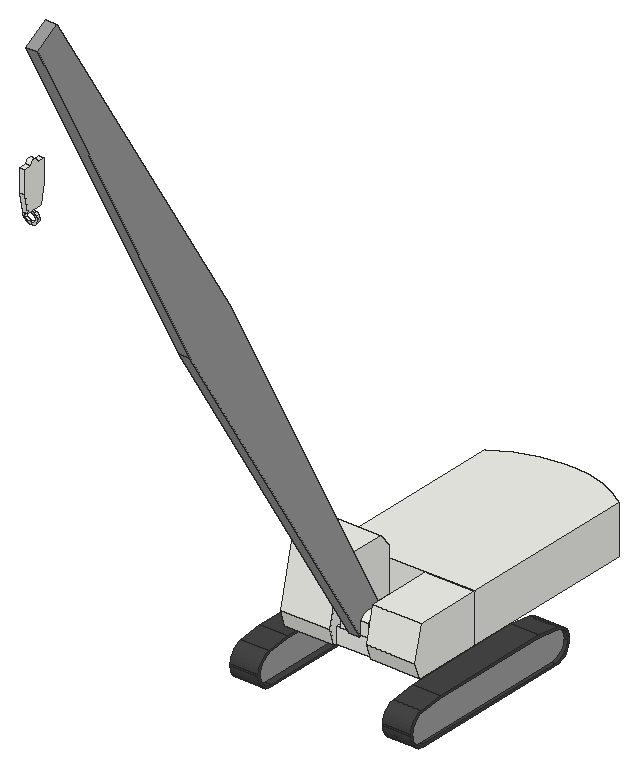
Revit family
Parameters (values of type "22000mm @ 60 deg")
  Boom Angle = 60.00°
  Boom Half = Boom Length / 2  # 11000 mm
  Boom Length = 22000 mm
  Cab Width = 3650 mm
  Counter Weight = 5500 mm
  Hook = 90.00° - Boom Angle  # 30.00°
  Turning Radius = Counter Weight + 305.001 mm  # 5805.001 mm
  Width = 4900 mm
Types (3, lengths in mm): name | Boom Angle | Boom Half | Boom Length | Cab Width | Counter Weight | Hook | Turning Radius | Width
  (no name) | 60.00° | 11000 | 22000 | 3650 | 5500 | 30.00° | 5805.001 | 4900
  22000mm @ 60 deg | 60.00° | 11000 | 22000 | 3650 | 5500 | 30.00° | 5805.001 | 4900
  20000mm @ 45 deg | 45.00° | 10000 | 20000 | 3050 | 4250 | 45.00° | 4555.001 | 4100
Reference planes
  plane 1 "Center (Front/Back)": x = -5679.121
  plane 2: z = 0.069
  plane 3 "Center (Left/Right)": y = -5594.838
  plane 4: y = -219.838
  plane 5: x = -7504.121
  plane 6: x = -3854.121
  plane 7: x = -8129.121
  plane 8: x = -3229.121
  plane 9: x = -7367.121
  plane 10: x = -3991.121
  plane 11: z = 985.069
  plane 12: z = 855.277
  plane 13: z = 1155.069
  plane 14: z = 2455.069
  plane 15: z = 3110.069
  plane 16: y = -2907.338
  plane 17: y = -4662.338
  plane 18: y = 2857.671
  plane 19: x = -6480.121
  plane 20: x = -4878.121
  plane 21: z = 855.277
  plane 22: y = -15660.56
  plane 23: y = -2642.329
  plane 24: x = -5831.521
  plane 25: x = -5526.721
  plane 26: y = 2248.071
Forms (mm)
  Extrusion 1, solid, material "Plastic - Black"
    sketch origin (-5679.121, 0, 0) x (0, -1, 0) y (0, 0, 1)
      loop
        arc (5163.038, 0) -> (5468.367, 126.471) -> (5594.838, 431.8) r 431.8
        line (5594.838, 431.8) -> (5594.838, 475.104)
        arc (5594.838, 475.104) -> (5487.126, 760.443) -> (5217.727, 903.426) r 431.8
        line (5217.727, 903.426) -> (4578.838, 985.069) -> (1235.838, 985.069) -> (596.95, 903.426)
        arc (596.95, 903.426) -> (327.551, 760.443) -> (219.838, 475.104) r 431.8
        line (219.838, 475.104) -> (219.838, 431.8)
        arc (219.838, 431.8) -> (346.31, 126.471) -> (651.638, 0) r 431.8
        line (651.638, 0) -> (5163.038, 0)
      loop
        line (1239.068, 934.269) -> (625.312, 856.07)
        arc (625.312, 856.07) -> (373.237, 722.957) -> (270.77, 456.947) r 406.08
        arc (270.77, 456.947) -> (389.669, 169.899) -> (676.716, 51) r 405.946
        line (676.716, 51) -> (5143.937, 51)
        arc (5143.937, 51) -> (5427.276, 168.363) -> (5544.639, 451.702) r 400.702
        arc (5544.639, 451.702) -> (5443.087, 720.661) -> (5189.116, 855.385) r 406.944
        line (5189.116, 855.385) -> (4575.608, 934.269) -> (1239.068, 934.269)
    from 1688 to 2450
  Extrusion 2, solid, material "Metal - Paint Finish - White, Matte"
    sketch origin (-7182.762, 8556.749, 2455) x (0, 0, -1) y (0, -1, 0)
      loop
        line (-0.069, 11199.078) -> (1299.931, 11199.078) -> (1299.931, 13065.892) -> (870.87, 13219.088) -> (-655.069, 12835.688) -> (-655.069, 11464.088) -> (-304.869, 11199.078) -> (-0.069, 11199.078)
    from -1003.64 to 321.36
  Extrusion 3, solid, material "Metal - Paint Finish - White, Matte"
    sketch origin (-4182.762, -2642.329, 2455) x (0, 0, -1) y (0, 1, 0)
      loop
        line (-0.069, 0) -> (-0.069, -1801.182) -> (870.87, -2020.01) -> (1299.931, -1866.814) -> (1299.931, 0) -> (-0.069, 0)
    from -996.36 to 328.64
  Extrusion 4, solid, material "Metal - Paint Finish - White, Matte"
    sketch origin (0, 0, 0) x (1, 0, 0) y (0, 1, 0)
      loop
        line (-6179.121, -2642.329) -> (-6179.121, -4433.738) -> (-5179.121, -4433.738) -> (-5179.121, -2642.329) -> (-6179.121, -2642.329)
    from 1155 to 1589.138
  Extrusion 5, solid, material "Metal - Paint Finish - White, Matte"
    sketch origin (-6179.121, -2794.729, 1589.138) x (0, 0, -1) y (0, -1, 0)
      loop
        line (-0.069, 1060.859) -> (-0.069, 1640.768) -> (-355.669, 1640.768)
        arc (-355.669, 1640.768) -> (-508.745, 1350.813) -> (-355.669, 1060.859) r 351.153
        line (-355.669, 1060.859) -> (-0.069, 1060.859)
    from -878.135 to -123.031
  Extrusion 6, solid, material "Metal - Steel"
    sketch origin (-8129.121, 0, 0) x (0, -1, 0) y (0, 0, 1)
      loop
        line (1239.068, 934.269) -> (625.312, 856.139)
        arc (625.312, 856.139) -> (373.214, 723) -> (270.77, 456.947) r 406.079
        arc (270.77, 456.947) -> (389.669, 169.899) -> (676.716, 51) r 405.946
        line (676.716, 51) -> (5143.901, 51)
        arc (5143.901, 51) -> (5427.265, 168.374) -> (5544.639, 451.739) r 400.738
        arc (5544.639, 451.739) -> (5443.089, 720.71) -> (5189.116, 855.454) r 406.981
        line (5189.116, 855.454) -> (4575.608, 934.269) -> (1239.068, 934.269)
    from -576.36 to -111.72
  Extrusion 7, solid, material "Plastic - Black"
    sketch origin (-5679.121, 0, 0) x (0, -1, 0) y (0, 0, -1)
      loop
        line (5163.038, 0) -> (651.638, 0)
        arc (651.638, 0) -> (346.31, -126.471) -> (219.838, -431.8) r 431.8
        line (219.838, -431.8) -> (219.838, -475.104)
        arc (219.838, -475.104) -> (327.551, -760.443) -> (596.95, -903.426) r 431.8
        line (596.95, -903.426) -> (1235.838, -985.069) -> (4578.838, -985.069) -> (5217.727, -903.426)
        arc (5217.727, -903.426) -> (5487.126, -760.443) -> (5594.838, -475.104) r 431.8
        line (5594.838, -475.104) -> (5594.838, -431.8)
        arc (5594.838, -431.8) -> (5468.367, -126.471) -> (5163.038, 0) r 431.8
      loop
        line (1239.068, -934.269) -> (4575.608, -934.269) -> (5189.116, -855.385)
        arc (5189.116, -855.385) -> (5443.087, -720.661) -> (5544.639, -451.702) r 406.944
        arc (5544.639, -451.702) -> (5427.276, -168.363) -> (5143.937, -51) r 400.702
        line (5143.937, -51) -> (676.716, -51)
        arc (676.716, -51) -> (389.669, -169.899) -> (270.77, -456.947) r 405.946
        arc (270.77, -456.947) -> (373.237, -722.957) -> (625.312, -856.07) r 406.08
        line (625.312, -856.07) -> (1239.068, -934.269)
    from 1688 to 2450
  Extrusion 8, solid, material "Metal - Steel"
    sketch origin (-3229.121, 0, 0) x (0, -1, 0) y (0, 0, -1)
      loop
        line (1239.068, -934.269) -> (4575.608, -934.269) -> (5189.116, -855.454)
        arc (5189.116, -855.454) -> (5443.11, -720.704) -> (5544.639, -451.702) r 406.944
        arc (5544.639, -451.702) -> (5427.276, -168.363) -> (5143.937, -51) r 400.702
        line (5143.937, -51) -> (676.716, -51)
        arc (676.716, -51) -> (389.669, -169.899) -> (270.77, -456.947) r 405.946
        arc (270.77, -456.947) -> (373.214, -723) -> (625.312, -856.139) r 406.079
        line (625.312, -856.139) -> (1239.068, -934.269)
    from -576.36 to -111.72
  Extrusion 9, solid, material "Metal - Paint Finish - White, Matte"
    sketch origin (-5844.145, -5321.37, -4455.207) x (0, 0, -1) y (0, -1, 0)
      loop
        line (-22280.795, 9746.581) -> (-21671.195, 9746.581) -> (-21170.913, 9834.795) -> (-21170.913, 10293.368) -> (-21671.195, 10392.578) -> (-22280.795, 10392.578) -> (-22280.795, 10176.678)
        arc (-22280.795, 10176.678) -> (-22387.894, 10069.58) -> (-22280.795, 9962.481) r 107.098
        line (-22280.795, 9962.481) -> (-22280.795, 9746.581)
    from -233.519 to -100.409
  Extrusion 10, solid, material "Metal - Paint Finish - White, Matte"
    sketch origin (-5743.736, -15614.738, 16715.706) x (1, 0, 0) y (0, -0.194521, 0.980898)
      loop
        circle (64.615, -203.2) r 203.2
      loop
        circle (64.615, -203.2) r 152.4
    from -198.532 to -135.533
  Extrusion 11, solid, material "Metal - Steel"
    sketch origin (-5679.121, 0, 0) x (0, -1, 0) y (0, 0, 1)
      loop
        line (14731.038, 20949.788) -> (8901.083, 11614.009) -> (3709.041, 1909.93) -> (4412.947, 1503.53) -> (10220.905, 10852.009) -> (15390.95, 20568.788) -> (14731.038, 20949.788)
    from -152.4 to 152.4
  Extrusion 12, solid, material "Metal - Paint Finish - White, Matte"
    sketch origin (0, 0, 0) x (1, 0, 0) y (0, 1, 0)
      loop
        line (-3854.121, -2642.329) -> (-3854.121, 2248.071)
        arc (-3854.121, 2248.071) -> (-4642.108, 2685.431) -> (-5526.721, 2857.671) r 2878.337
        line (-5526.721, 2857.671) -> (-5831.521, 2857.671)
        arc (-5831.521, 2857.671) -> (-6713.182, 2677.329) -> (-7504.121, 2248.071) r 3056.806
        line (-7504.121, 2248.071) -> (-7504.121, -2642.329) -> (-3854.121, -2642.329)
    from 1155 to 2455.069
Lines and regions (mm)
  Split face 1
    outline origin (-7504.121, -4662.338, 1584.13) x (1, 0, 0) y (0, 0.243681, 0.969855)
      loop
        line (98.634, 1483.76) -> (98.634, 112.16) -> (1232.793, 112.16) -> (1232.793, 1483.76) -> (98.634, 1483.76)
  Split face 2
    outline origin (-7504.121, 8556.749, 2455) x (0, 0, -1) y (0, -1, 0)
      loop
        line (-565.748, 11815.273) -> (100.643, 11682.402) -> (635.896, 12609.488) -> (730.472, 12609.488) -> (730.472, 13111.421) -> (-565.748, 12771.318) -> (-565.748, 11815.273)
  Split face 3
    outline origin (-7504.121, 2248.071, 2455.069) x (0, 0, -1) y (0, -1, 0)
      loop
        line (1186.801, 4838.631) -> (1034.401, 4838.631) -> (1034.401, 227.631) -> (1186.801, 227.631) -> (1186.801, 4838.631)
  Split face 4
    outline origin (-7504.121, 2248.071, 2455.069) x (0, 0, -1) y (0, -1, 0)
      loop
        line (953.166, 4838.631) -> (902.366, 4838.631) -> (902.366, 227.631) -> (953.166, 227.631) -> (953.166, 4838.631)
  Split face 5
    outline origin (-3854.121, -2642.329, 2455.069) x (0, 0, -1) y (0, 1, 0)
      loop
        line (1034.401, 51.769) -> (1186.801, 51.769) -> (1186.801, 4662.769) -> (1034.401, 4662.769) -> (1034.401, 51.769)
  Split face 6
    outline origin (-3854.121, -2642.329, 2455.069) x (0, 0, -1) y (0, 1, 0)
      loop
        line (902.366, 4662.769) -> (902.366, 51.769) -> (953.166, 51.769) -> (953.166, 4662.769) -> (902.366, 4662.769)
  Split face 7
    outline origin (-6179.121, 8556.749, 2455) x (0, 0, -1) y (0, -1, 0)
      loop
        line (-565.748, 12771.318) -> (-565.748, 11815.273) -> (100.643, 11682.402) -> (341.943, 12100.346) -> (341.943, 13009.479) -> (-565.748, 12771.318)
  model lines, style "InvisibleLines"
    curve 1: line (-5679.121, -4060.994, 1706.73) -> (-5679.121, -15060.994, 20759.288)
    curve 2: line (-5679.121, -14731.038, 20949.788) -> (-5679.121, -15390.95, 20568.788)
    curve 3: line (-5679.121, -4412.947, 1503.53) -> (-5679.121, -3709.041, 1909.93)
    curve 4: line (-5679.121, -8901.083, 11614.009) -> (-5679.121, -10220.905, 10852.009)
    curve 5: line (-5679.121, -14731.038, 20949.788) -> (-5679.121, -8901.083, 11614.009)
    curve 6: line (-5679.121, -15390.95, 20568.788) -> (-5679.121, -10220.905, 10852.009)
    curve 7: line (-5679.121, -10220.905, 10852.009) -> (-5679.121, -4412.947, 1503.53)
    curve 8: line (-5679.121, -3709.041, 1909.93) -> (-5679.121, -8901.083, 11614.009)
  symbolic lines, style "Turning Radius"
    curve 9: arc (125.879, -2907.338, 0) -> (-5679.121, 2897.662, 0) -> (-11484.122, -2907.338, 0) r 5805.001
    curve 10: arc (-11484.122, -2907.338, 0) -> (-5679.121, -8712.339, 0) -> (125.879, -2907.338, 0) r 5805.001
    curve 14: arc (-5679.121, -15390.95, 0) -> (6804.49, -2907.338, 0) -> (-5679.121, 9576.273, 0) r 12483.611
    curve 15: arc (-5679.121, -15390.95, 0) -> (-18162.733, -2907.338, 0) -> (-5679.121, 9576.273, 0) r 12483.611
  model lines, style "Logistics"
    curve 11: line (-5679.121, -15390.95, 20568.788) -> (-5679.121, -15390.95, 17825.588)
    curve 12: line (-5679.121, -15390.95, 17825.588) -> (-5679.121, -15746.55, 17825.588)
    curve 13: line (-5679.121, -15390.95, 17825.588) -> (-4946.321, -15390.95, 17825.588)
  symbolic lines, style "Logistics"
    curve 16: line (-5831.521, -3773.626, 0) -> (-5831.521, -15390.95, 0)
    curve 17: line (-5526.721, -15390.95, 0) -> (-5526.721, -3773.626, 0)
    curve 18: line (-5831.521, -3773.626, 0) -> (-5526.721, -3773.626, 0)
    curve 19: line (-5831.521, -15390.95, 0) -> (-5526.721, -15390.95, 0)
Dimensions and locks
  plane 4 to plane 3 "Center (Left/Right)" = 5375 mm
  equal spacing: plane 7, plane 1 "Center (Front/Back)", plane 8
  "Width": plane 7 to plane 8
  plane 7 to plane 9 = 762 mm
  plane 10 to plane 8 = 762 mm
  locked: plane 11 to plane 2 at 985
  locked: plane 13 to plane 2 at 1155
  locked: plane 13 to plane 14 at 1300
  locked: plane 15 to plane 2 at 3110
  equal spacing: plane 4, plane 16, plane 3 "Center (Left/Right)"
  equal spacing: plane 19, plane 1 "Center (Front/Back)", plane 20
  locked: plane 23 to plane 16 at 265.01
  "Counter Weight": plane 18 to plane 23
  locked: plane 16 to curve 1 at 1153.656
  locked: curve 1 to plane 2 at 1706.661
  "Boom Length": curve 1 to curve 2
  equal spacing: curve 2, curve 1, curve 2
  locked: curve 2 to curve 2 at 762
  equal spacing: curve 3, curve 1, curve 3
  locked: curve 3 to curve 3 at 812.8
  "Boom Half": curve 4 to curve 2
  equal spacing: curve 4, curve 1, curve 4
  locked: curve 4 to curve 4 at 1524
  plane 24 to plane 1 "Center (Front/Back)" to plane 25 = 152.4 mm locked, 152.4 mm locked
  "Cab Width": plane 5 to plane 6
  locked: plane 5 to plane 19 at 1024
  locked: plane 20 to plane 6 at 1024
  locked: plane 26 to plane 18 at 609.6
  locked: curve 12 to curve 11 at 2743.2
  equal spacing: Extrusion 9 sketch curve, curve 11, Extrusion 9 sketch curve
  locked: Extrusion 9 sketch curve to Extrusion 9 sketch curve at 645.997
  locked: curve 12 to Extrusion 9 sketch curve at 0
  locked: Extrusion 9 sketch curve to curve 12 at 1109.882
  Extrusion 9 sketch curve to curve 11 to Extrusion 9 sketch curve = 234.785 mm locked, 223.788 mm locked
  "Turning Radius": radius of curve 9
  radius of Extrusion 9 sketch curve = 107.098 mm
  "Boom Angle": angle plane 2 to curve 1
  locked: curve 1 to curve 3 (angle 90.00°)
  "Hook": angle curve 1 to curve 11
  aligned and locked: plane 5 to Extrusion 2
  aligned and locked: Extrusion 3 to plane 6
  aligned and locked: Extrusion 2 to Extrusion 4 sketch curve
  aligned and locked: Extrusion 4 sketch curve to Extrusion 2
  aligned and locked: Extrusion 3 to Extrusion 4 sketch curve
  aligned and locked: Extrusion 11 sketch curve to curve 5
  aligned and locked: Extrusion 11 sketch curve to curve 2
  aligned and locked: Extrusion 11 sketch curve to curve 6
  aligned and locked: Extrusion 11 sketch curve to curve 7
  aligned and locked: Extrusion 11 sketch curve to curve 3
  aligned and locked: Extrusion 11 sketch curve to curve 8
  aligned and locked: Extrusion 11 to plane 25
  aligned and locked: Extrusion 11 to plane 24
  aligned and locked: Extrusion 1 to plane 7
  aligned and locked: Extrusion 1 to plane 9
  aligned and locked: Extrusion 7 to plane 10
  aligned and locked: plane 8 to Extrusion 7
  aligned and locked: Extrusion 12 sketch curve to Extrusion 3
  aligned and locked: Extrusion 3 to Extrusion 12 sketch curve
  aligned and locked: Extrusion 12 sketch curve to plane 5
  aligned and locked: Extrusion 12 sketch curve to plane 26  (x2)
  aligned and locked: Extrusion 12 to plane 14
  aligned and locked: curve 13 to Extrusion 11
  aligned and locked: Extrusion 11 to curve 16
  aligned and locked: curve 17 to Extrusion 11
Automatic sketch dimensions
  Extrusion 3 sketch curve to plane 14 = 0 mm
  Extrusion 3 sketch curve to plane 17 = 0 mm
  Extrusion 3 sketch curve to plane 13 = 0 mm
  Extrusion 3 sketch curve to plane 17 = 153.195 mm
  Extrusion 3 sketch curve to plane 16 = 265.01 mm
  plane 13 to Extrusion 3 sketch curve = 429.061 mm
  Extrusion 4 sketch curve to plane 17 = 228.6 mm
  Extrusion 5 sketch curve to plane 17 = 226.842 mm
  plane 14 to Extrusion 5 sketch curve = 510.262 mm
  Extrusion 5 sketch curve to Extrusion 5 sketch curve = 198.077 mm  (x2)
  Extrusion 1 sketch curve to plane 4 = 0 mm
  Extrusion 1 sketch curve to level = 0 mm
  Extrusion 1 sketch curve to plane 11 = 0 mm
  Extrusion 1 sketch curve to plane 3 "Center (Left/Right)" = 0 mm
  plane 4 to Extrusion 1 sketch curve = 50.932 mm
  Extrusion 1 sketch curve to plane 12 = 48.15 mm  (x2)
  plane 4 to Extrusion 1 sketch curve = 377.112 mm
  Extrusion 1 sketch curve to plane 12 = 0.793 mm
  Extrusion 1 sketch curve to Extrusion 1 sketch curve = 28.362 mm
  Extrusion 1 sketch curve to Extrusion 1 sketch curve = 0 mm
  Extrusion 1 sketch curve to Extrusion 1 sketch curve = 25.078 mm
  Extrusion 1 sketch curve to Extrusion 1 sketch curve = 0.117 mm
  Extrusion 1 sketch curve to Extrusion 1 sketch curve = 610.526 mm
  Extrusion 1 sketch curve to Extrusion 1 sketch curve = 3.23 mm  (x2)
  Extrusion 1 sketch curve to plane 17 = 86.73 mm
  Extrusion 1 sketch curve to Extrusion 1 sketch curve = 6.243 mm
  Extrusion 1 sketch curve to Extrusion 1 sketch curve = 19.101 mm  (x2)
  Extrusion 1 sketch curve to plane 12 = 0.108 mm
  Extrusion 1 sketch curve to Extrusion 1 sketch curve = 26.078 mm
  Extrusion 1 sketch curve to Extrusion 1 sketch curve = 28.611 mm
  level to Extrusion 1 sketch curve = 51 mm
  Extrusion 1 sketch curve to Extrusion 1 sketch curve = 3.675 mm
  Extrusion 1 sketch curve to plane 11 = 50.8 mm
  Extrusion 1 sketch curve to plane 3 "Center (Left/Right)" = 50.2 mm
  plane 4 to Extrusion 6 sketch curve = 50.932 mm
  Extrusion 6 sketch curve to plane 11 = 128.93 mm
  plane 4 to Extrusion 6 sketch curve = 405.474 mm
  Extrusion 6 sketch curve to Extrusion 6 sketch curve = 51.404 mm
  Extrusion 6 sketch curve to Extrusion 6 sketch curve = 0.117 mm
  Extrusion 6 sketch curve to plane 11 = 50.8 mm
  Extrusion 6 sketch curve to Extrusion 6 sketch curve = 613.756 mm
  Extrusion 6 sketch curve to plane 17 = 86.73 mm
  level to Extrusion 6 sketch curve = 51 mm
  Extrusion 6 sketch curve to Extrusion 6 sketch curve = 6.243 mm
  Extrusion 6 sketch curve to plane 11 = 129.615 mm
  Extrusion 6 sketch curve to plane 3 "Center (Left/Right)" = 405.722 mm
  Extrusion 6 sketch curve to plane 3 "Center (Left/Right)" = 50.2 mm
  Extrusion 6 sketch curve to Extrusion 6 sketch curve = 0 mm
  Extrusion 7 sketch curve to plane 4 = 0 mm
  Extrusion 7 sketch curve to level = 0 mm
  Extrusion 7 sketch curve to plane 11 = 0 mm
  Extrusion 7 sketch curve to plane 3 "Center (Left/Right)" = 0 mm
  plane 4 to Extrusion 7 sketch curve = 50.932 mm
  Extrusion 7 sketch curve to plane 21 = 48.15 mm  (x2)
  plane 4 to Extrusion 7 sketch curve = 377.112 mm
  Extrusion 7 sketch curve to plane 21 = 0.793 mm
  Extrusion 7 sketch curve to Extrusion 7 sketch curve = 28.362 mm
  plane 4 to Extrusion 7 sketch curve = 431.8 mm
  Extrusion 7 sketch curve to Extrusion 7 sketch curve = 0 mm
  Extrusion 7 sketch curve to Extrusion 7 sketch curve = 25.078 mm
  Extrusion 7 sketch curve to Extrusion 7 sketch curve = 0.117 mm
  Extrusion 7 sketch curve to Extrusion 7 sketch curve = 610.526 mm
  Extrusion 7 sketch curve to plane 11 = 50.8 mm
  Extrusion 7 sketch curve to Extrusion 7 sketch curve = 3.23 mm  (x2)
  Extrusion 7 sketch curve to plane 17 = 86.73 mm
  Extrusion 7 sketch curve to plane 3 "Center (Left/Right)" = 457.144 mm
  level to Extrusion 7 sketch curve = 51 mm
  Extrusion 7 sketch curve to Extrusion 7 sketch curve = 6.243 mm
  Extrusion 7 sketch curve to Extrusion 7 sketch curve = 19.101 mm  (x2)
  Extrusion 7 sketch curve to plane 21 = 0.108 mm
  Extrusion 7 sketch curve to Extrusion 7 sketch curve = 26.078 mm
  Extrusion 7 sketch curve to Extrusion 7 sketch curve = 28.611 mm
  Extrusion 7 sketch curve to plane 3 "Center (Left/Right)" = 50.2 mm
  plane 4 to Extrusion 8 sketch curve = 50.932 mm
  Extrusion 8 sketch curve to plane 11 = 128.93 mm
  plane 4 to Extrusion 8 sketch curve = 405.474 mm
  Extrusion 8 sketch curve to Extrusion 8 sketch curve = 51.404 mm
  Extrusion 8 sketch curve to Extrusion 8 sketch curve = 0.117 mm
  Extrusion 8 sketch curve to plane 11 = 50.8 mm
  Extrusion 8 sketch curve to Extrusion 8 sketch curve = 613.756 mm
  Extrusion 8 sketch curve to plane 17 = 86.73 mm
  Extrusion 8 sketch curve to plane 3 "Center (Left/Right)" = 457.144 mm
  level to Extrusion 8 sketch curve = 51 mm
  Extrusion 8 sketch curve to Extrusion 8 sketch curve = 6.243 mm
  Extrusion 8 sketch curve to plane 11 = 129.615 mm
  Extrusion 8 sketch curve to plane 3 "Center (Left/Right)" = 405.722 mm
  Extrusion 8 sketch curve to plane 3 "Center (Left/Right)" = 50.2 mm
  Split face 1 sketch curve to Extrusion 2 = 98.634 mm
  Extrusion 2 to Split face 1 sketch curve = 92.207 mm
  Extrusion 2 to Split face 1 sketch curve = 112.16 mm
  Split face 1 sketch curve to Extrusion 2 = 89.607 mm
  Extrusion 9 sketch curve to Extrusion 9 sketch curve = 500.282 mm
  Extrusion 10 sketch curve to plane 1 "Center (Front/Back)" = 0 mm  (x2)
  plane 1 "Center (Front/Back)" to Extrusion 10 sketch curve = 152.4 mm
  Extrusion 10 sketch curve to Extrusion 10 sketch curve = 50.8 mm
  Extrusion 10 sketch curve to Extrusion 10 sketch curve = 0 mm
  Extrusion 3 sketch curve to plane 17 = 218.828 mm
  Extrusion 5 sketch curve to Extrusion 5 sketch curve = 157.523 mm
  Extrusion 5 sketch curve to Extrusion 5 sketch curve = 289.955 mm
  Extrusion 9 sketch curve to Extrusion 9 sketch curve = 609.6 mm
  plane 15 to Extrusion 2 sketch curve = 0 mm
  plane 14 to Extrusion 2 sketch curve = 0 mm
  Extrusion 2 sketch curve to plane 13 = 0 mm
  Extrusion 2 sketch curve to Extrusion 2 sketch curve = 304.8 mm
  plane 13 to Extrusion 2 sketch curve = 429.061 mm
  Extrusion 2 sketch curve to plane 3 "Center (Left/Right)" = 2952.51 mm
  Extrusion 2 sketch curve to Extrusion 2 sketch curve = 265.01 mm
  Extrusion 2 sketch curve to Extrusion 2 sketch curve = 1371.6 mm
  Extrusion 2 sketch curve to Extrusion 2 sketch curve = 1866.814 mm
  Extrusion 2 sketch curve to Extrusion 2 sketch curve = 153.195 mm
  Extrusion 12 sketch curve to plane 18 = 0 mm
  Extrusion 12 sketch curve to plane 24 = 0 mm
  Extrusion 12 sketch curve to plane 25 = 0 mm
  Extrusion 12 sketch curve to plane 1 "Center (Front/Back)" = 12.677 mm
  Extrusion 12 sketch curve to plane 1 "Center (Front/Back)" = 51.389 mm
  Split face 2 sketch curve to Extrusion 2 = 89.321 mm
  Extrusion 2 to Split face 2 sketch curve = 100.712 mm
  Split face 2 sketch curve to Extrusion 2 = 234.974 mm
  Split face 2 sketch curve to Extrusion 2 = 70.208 mm
  Split face 2 sketch curve to Extrusion 2 = 148.607 mm
  Split face 2 sketch curve to Extrusion 2 = 84.195 mm
  Split face 2 sketch curve to Extrusion 2 = 533.965 mm
  Split face 2 sketch curve to Extrusion 2 = 333.939 mm
  Split face 2 sketch curve to Extrusion 2 = 483.324 mm
  Split face 3 sketch curve to Extrusion 12 = 51.769 mm
  Extrusion 12 to Split face 3 sketch curve = 265.668 mm
  Extrusion 12 to Split face 3 sketch curve = 113.268 mm
  Extrusion 12 to Split face 3 sketch curve = 227.631 mm
  Split face 4 sketch curve to Extrusion 12 = 51.769 mm
  Extrusion 12 to Split face 4 sketch curve = 397.702 mm
  Split face 4 sketch curve to Split face 4 sketch curve = 50.8 mm
  Extrusion 12 to Split face 4 sketch curve = 227.631 mm
  Split face 5 sketch curve to Extrusion 12 = 265.668 mm
  Split face 5 sketch curve to Extrusion 12 = 51.769 mm
  Split face 5 sketch curve to Extrusion 12 = 113.268 mm
  Split face 5 sketch curve to Extrusion 12 = 227.631 mm
  Split face 6 sketch curve to Extrusion 12 = 51.769 mm
  Split face 6 sketch curve to Extrusion 12 = 397.702 mm
  Split face 6 sketch curve to Split face 6 sketch curve = 50.8 mm
  Split face 6 sketch curve to Extrusion 12 = 227.631 mm
  Split face 7 sketch curve to Extrusion 2 = 89.321 mm
  Extrusion 2 to Split face 7 sketch curve = 100.712 mm
  Split face 7 sketch curve to Extrusion 2 = 74.401 mm
  Split face 7 sketch curve to Extrusion 2 = 375.259 mm
  Split face 7 sketch curve to Extrusion 2 = 84.195 mm
  Split face 7 sketch curve to Extrusion 2 = 901.268 mm
  Split face 7 sketch curve to Extrusion 2 = 333.939 mm
  Split face 7 sketch curve to Split face 7 sketch curve = 417.944 mm
  curve 11 to curve 12 = 355.6 mm
  Extrusion 9 sketch curve to Extrusion 9 sketch curve = 215.9 mm
  curve 9 to plane 16 = 0 mm
  curve 13 to plane 1 "Center (Front/Back)" = 0 mm
  curve 14 to plane 1 "Center (Front/Back)" = 0 mm
  curve 10 to plane 1 "Center (Front/Back)" = 0 mm
  curve 14 to plane 16 = 0 mm
  curve 13 to plane 20 = 68.2 mm
  curve 19 to curve 13 = 0 mm
  curve 14 to curve 13 = 0 mm
  plane 16 to curve 18 = 866.287 mm
